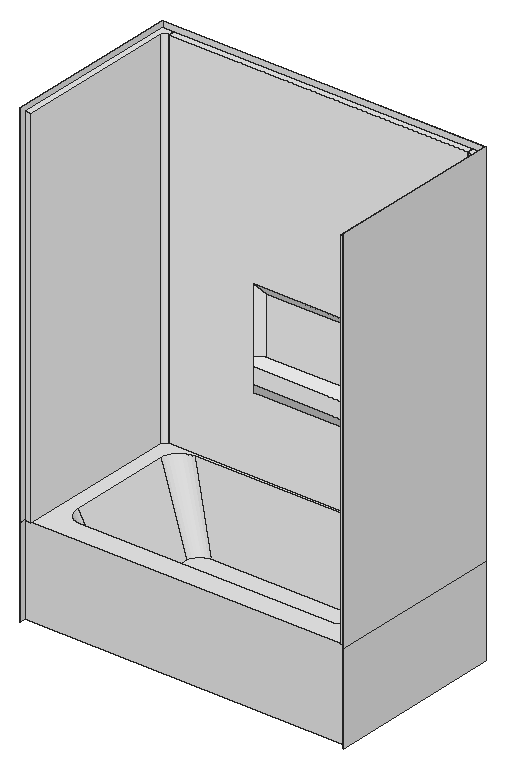
Revit family "4LDTS6032.V2", category Plumbing Fixtures, Revit 2017
Family settings
  Round Connector Dimension = Use Diameter
  Part Type = Normal
  OmniClass Number = 23.45.05.14.17
  OmniClass Title = Showers
  Work Plane-Based = No
  Always vertical = Yes
  Cut with Voids When Loaded = No
  Shared = No
  Room Calculation Point = No
Parameters (values of type "4LDTS6032")
  Unit Width = 60"
  Unit Height = 85 1/2"
  URL = "http://www.best-bath.com"
  Type Comments = "Remodeler"
  Model = "4LDTS6032"
  Material [instance] = Best Bath Gelcoat Fiberglass - Diamond Tile
  Manufacturer = "Best Bath Systems, Inc."
  Keynote = "22 40 00.D3"
  Description = "Diamond Tile Finish"
  Assembly Code = "D2010700"
Reference planes (in)
  plane 1 "Back": y = 0
  plane 2: z = 0.25
  plane 3 "Left": x = 0
  plane 4: x = 60
  plane 5: y = -32
  plane 6: z = 84.75
  plane 7: z = 85.75
  plane 8: x = 52
  plane 9: z = 16.75
  plane 10: y = -16
  plane 11: y = -1.25
  plane 12: x = 10
  plane 13: x = 55.5
  plane 14: y = -4.375
  plane 15: y = -25.5
  plane 16: y = -1.875
  plane 17: y = -28
  plane 18: x = 4
  plane 19: x = 57
  plane 20: x = 1.25
  plane 21: x = 58.75
  plane 22: y = -33
  plane 23: z = 36.75
Forms (in)
  Extrusion 1, solid, material "Best Bath Gelcoat Fiberglass - Smooth"
    sketch origin (0, 0, 0.25) x (1, 0, 0) y (0, 1, 0)
      loop
        line (60, -32) -> (60, 0) -> (57.75, 0) -> (57.75, -1.25)
        arc (57.75, -1.25) -> (58.45711, -1.54289) -> (58.75, -2.25) r 1
        line (58.75, -2.25) -> (58.75, -32) -> (60, -32)
      loop
        line (0, 0) -> (0, -32) -> (1.25, -32) -> (1.25, -2.25)
        arc (1.25, -2.25) -> (1.54289, -1.54289) -> (2.25, -1.25) r 1
        line (2.25, -1.25) -> (2.25, 0) -> (0, 0)
    from 16.5 to 84.5
  Extrusion 2, solid, material "Best Bath Gelcoat Fiberglass - Smooth"
    sketch origin (0, 0, 0.25) x (1, 0, 0) y (0, 1, 0)
      loop
        line (0, -32) -> (60, -32) -> (60, 0) -> (0, 0) -> (0, -32)
      loop
        circle (52, -16) r 1.5
    from 0 to 16.5
  Blend 3, void
    base sketch origin (0, 0, 0.25) x (1, 0, 0) y (0, 1, 0)
      loop
        arc (12.5, -4.375) -> (10.73223, -5.10723) -> (10, -6.875) r 2.5
        line (10, -6.875) -> (10, -23)
        arc (10, -23) -> (10.73223, -24.76777) -> (12.5, -25.5) r 2.5
        line (12.5, -25.5) -> (53.5, -25.5)
        arc (53.5, -25.5) -> (54.91421, -24.91421) -> (55.5, -23.5) r 2
        line (55.5, -23.5) -> (55.5, -6.375)
        arc (55.5, -6.375) -> (54.91421, -4.96079) -> (53.5, -4.375) r 2
        line (53.5, -4.375) -> (12.5, -4.375)
    top sketch origin (0, 0, 0.25) x (1, 0, 0) y (0, 1, 0)
      loop
        arc (7.5, -1.875) -> (5.02513, -2.90013) -> (4, -5.375) r 3.5
        line (4, -5.375) -> (4, -24.5)
        arc (4, -24.5) -> (5.02513, -26.97487) -> (7.5, -28) r 3.5
        line (7.5, -28) -> (53.5, -28)
        arc (53.5, -28) -> (55.97487, -26.97487) -> (57, -24.5) r 3.5
        line (57, -24.5) -> (57, -5.375)
        arc (57, -5.375) -> (55.97487, -2.90013) -> (53.5, -1.875) r 3.5
        line (53.5, -1.875) -> (7.5, -1.875)
    from 2.23617 to 16.5
  Extrusion 4, solid, material "Best Bath Gelcoat Fiberglass - Smooth"
    sketch origin (0, 0, 0.25) x (1, 0, 0) y (0, 1, 0)
      loop
        line (2.25, -1.25) -> (57.75, -1.25) -> (57.75, 0) -> (2.25, 0) -> (2.25, -1.25)
    from 16.5 to 84.5
  Extrusion 5, solid, material "Best Bath Gelcoat Fiberglass - Smooth"
    sketch origin (0, 0, 0.25) x (1, 0, 0) y (0, 1, 0)
      loop
        line (0, -32) -> (0, -33) -> (0.125, -33) -> (0.125, -32) -> (0, -32)
      loop
        line (60, -32) -> (59.875, -32) -> (59.875, -33) -> (60, -33) -> (60, -32)
    from 0 to 16.5
  Extrusion 6, solid, material "Best Bath Gelcoat Fiberglass - Smooth"
    sketch origin (0, 0, 0.25) x (1, 0, 0) y (0, 1, 0)
      loop
        line (0, -33) -> (0.125, -33) -> (0.125, -0.125) -> (59.875, -0.125) -> (59.875, -33) -> (60, -33) -> (60, 0) -> (0, 0) -> (0, -33)
    from 16.5 to 85.5
  Blend 7, solid, material "Best Bath Gelcoat Fiberglass - Smooth"
    base sketch origin (3, -33, 6.5) x (1, 0, 0) y (0, 0, 1)
      loop
        line (15, 30.25) -> (15, 24.25) -> (39, 24.25) -> (39, 30.25) -> (15, 30.25)
    top sketch origin (3, -33, 6.5) x (1, 0, 0) y (0, 0, 1)
      loop
        line (17, 30.25) -> (17, 27.25) -> (37, 27.25) -> (37, 30.25) -> (17, 30.25)
    from -31.75 to -29.25
  Blend 8, void
    base sketch origin (3, -33, 6.5) x (1, 0, 0) y (0, 0, 1)
      loop
        line (15, 30.25) -> (39, 30.25) -> (39, 42.25) -> (15, 42.25) -> (15, 30.25)
    top sketch origin (3, -33, 6.5) x (1, 0, 0) y (0, 0, 1)
      loop
        line (16.5, 30.25) -> (37.5, 30.25) -> (37.5, 40.75) -> (16.5, 40.75) -> (16.5, 30.25)
    from -31.75 to -32.75
Cuts and joins
  Blend 3 cuts Extrusion 2
  joined: Extrusion 2, Extrusion 5
  joined: Extrusion 1, Extrusion 6
  Blend 8 cuts Extrusion 4
  joined: Extrusion 4, Blend 7
Lines and regions (in)
  Split face 1
    outline origin (0, -32, 16.75) x (0, 0, -1) y (1, 0, 0)
      loop
        line (12.5, 1.5) -> (12.53488, 1.5) -> (12.53488, 58.5) -> (12.5, 58.5) -> (12.5, 1.5)
Dimensions and locks (in)
  "Unit Width": plane 3 "Left" to plane 4
  plane 1 "Back" to plane 5 = 32"
  locked: plane 7 to plane 6 at 1
  "Unit Height": plane 7 to level
  plane 3 "Left" to plane 8 to plane 4 = 52", 8"
  plane 10 to plane 1 "Back" = 16"
  locked: plane 13 to plane 4 at 4.5
  locked: plane 15 to plane 5 at 6.5
  locked: plane 3 "Left" to plane 12 at 10
  locked: plane 16 to plane 1 "Back" at 1.875
  locked: plane 17 to plane 5 at 4
  locked: plane 19 to plane 4 at 3
  locked: plane 3 "Left" to plane 18 at 4
  plane 9 to level = 16 1/2"
  locked: plane 11 to plane 1 "Back" at 1.25
  locked: plane 3 "Left" to plane 20 at 1.25
  locked: plane 21 to plane 4 at 1.25
  locked: Extrusion 1 to plane 14 at 4.375
  locked: plane 23 to plane 9 at 20
  locked: plane 5 to plane 22 at 1
  radius of Blend 3 sketch curve = 2"  (x2)
  radius of Blend 3 sketch curve = 2 1/2"  (x2)
  radius of Blend 3 sketch curve = 3 1/2"  (x4)
  aligned and locked: level to plane 2
  aligned and locked: plane 6 to Extrusion 1
  aligned and locked: Extrusion 1 sketch curve to plane 4
  aligned and locked: plane 5 to Extrusion 1 sketch curve
  aligned and locked: Extrusion 1 sketch curve to plane 5
  aligned and locked: Extrusion 2 sketch curve to Extrusion 1  (x3)
  aligned and locked: Extrusion 2 sketch curve to plane 1 "Back"
  aligned and locked: plane 10 to Extrusion 2 sketch curve
  aligned and locked: plane 8 to Extrusion 2 sketch curve
  aligned and locked: plane 15 to Blend 3 sketch curve
  aligned and locked: Blend 3 sketch curve to plane 14
  aligned and locked: Blend 3 sketch curve to plane 13
  aligned and locked: plane 12 to Blend 3 sketch curve
  aligned and locked: plane 18 to Blend 3 sketch curve
  aligned and locked: Blend 3 sketch curve to plane 19
  aligned and locked: plane 17 to Blend 3 sketch curve
  aligned and locked: Blend 3 sketch curve to plane 16
  aligned and locked: Extrusion 1 sketch curve to plane 20
  aligned and locked: Extrusion 4 to plane 9
  aligned and locked: plane 6 to Extrusion 4
  aligned and locked: Extrusion 1 to plane 9
  aligned and locked: Blend 3 to Extrusion 1
  aligned and locked: plane 7 to Extrusion 6
  aligned and locked: plane 23 to Blend 7
  aligned and locked: cut or joined group of Extrusion 4, Blend 7, Blend 8 to plane 23
Automatic sketch dimensions
  Extrusion 5 sketch curve to plane 3 "Left" = 0"
  Extrusion 5 sketch curve to plane 22 = 0"  (x2)
  Extrusion 5 sketch curve to plane 5 = 0"  (x2)
  Extrusion 5 sketch curve to plane 4 = 0"
  plane 3 "Left" to Extrusion 5 sketch curve = 1/8"
  Extrusion 5 sketch curve to Extrusion 5 sketch curve = 1/8"
  Extrusion 1 sketch curve to plane 3 "Left" = 0"
  Extrusion 1 sketch curve to plane 11 = 0"  (x2)
  plane 1 "Back" to Extrusion 1 sketch curve = 0"  (x2)
  Extrusion 1 sketch curve to plane 21 = 0"
  Extrusion 1 sketch curve to Extrusion 1 sketch curve = 1"
  Extrusion 1 sketch curve to plane 21 = 1"
  Blend 3 sketch curve to plane 14 = 0"
  plane 1 "Back" to Extrusion 4 sketch curve = 0"
  Extrusion 4 sketch curve to plane 11 = 0"
  plane 3 "Left" to Extrusion 4 sketch curve = 2 1/4"
  plane 4 to Extrusion 4 sketch curve = 2 1/4"
  cut or joined group of Extrusion 2, Blend 3, Extrusion 5 to Split face 1 sketch curve = 1 3/8"  (x2)
  Split face 1 sketch curve to cut or joined group of Extrusion 2, Blend 3, Extrusion 5 = 4"
  Split face 1 sketch curve to Split face 1 sketch curve = 0.03488"
  plane 1 "Back" to Extrusion 6 sketch curve = 0"
  Extrusion 6 sketch curve to plane 3 "Left" = 0"
  Extrusion 6 sketch curve to plane 22 = 0"  (x2)
  Extrusion 6 sketch curve to plane 4 = 0"
  plane 3 "Left" to Extrusion 6 sketch curve = 1/8"
  Extrusion 6 sketch curve to Extrusion 6 sketch curve = 1/8"
  plane 1 "Back" to Extrusion 6 sketch curve = 1/8"
  Blend 7 sketch curve to plane 23 = 0"  (x2)
  Blend 7 sketch curve to plane 23 = 6"
  plane 3 "Left" to Blend 7 sketch curve = 18"
  plane 8 to Blend 7 sketch curve = 10"
  Blend 7 sketch curve to plane 23 = 3"
  plane 3 "Left" to Blend 7 sketch curve = 20"
  plane 8 to Blend 7 sketch curve = 12"
  Blend 8 sketch curve to plane 23 = 0"  (x2)
  plane 3 "Left" to Blend 8 sketch curve = 18"
  plane 8 to Blend 8 sketch curve = 10"
  plane 23 to Blend 8 sketch curve = 12"
  plane 3 "Left" to Blend 8 sketch curve = 19 1/2"
  plane 8 to Blend 8 sketch curve = 11 1/2"
  plane 23 to Blend 8 sketch curve = 10 1/2"
  radius of Extrusion 2 sketch curve = 1 1/2"
